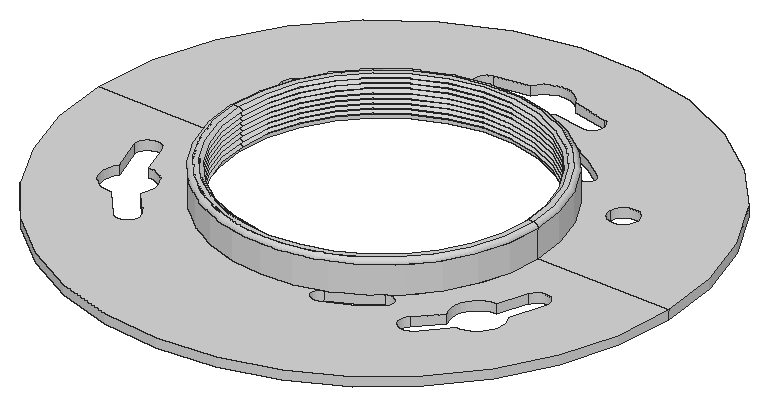
Revit family "A1-C2", category Plumbing Fixtures, Revit 2018
Family settings
  Round Connector Dimension = Use Diameter
  Part Type = Normal
  Work Plane-Based = No
  Always vertical = Yes
  Cut with Voids When Loaded = No
  Shared = No
  Room Calculation Point = No
Parameters (values of type "A1-C2")
  URL = "WWW.MIFAB.COM"
  Model = "A1-C2"
  Manufacturer = "MIFAB"
  Description = "MEMBRANE CLAMP WITH 4\" NPSM THREAD FOR SMALL DRAINS"
Reference planes (in)
  plane 1 "Center (Front/Back)": y = 0
  plane 2: z = 0
  plane 3 "Center (Left/Right)": x = 0
  plane 4: x = -4
  plane 5: x = 4
  plane 6: y = 4
  plane 7: y = -4
  plane 8: z = 2
Forms (in)
  Revolve 1, solid, material "Steel"
    sketch origin (0, 0, 0) x (1, 0, 0) y (0, 0, 1)
      loop
        line (4, 0.125) -> (2.16244, 0.125) -> (2.16244, 0.50392)
        arc (2.16244, 0.50392) -> (2.1445, 0.54724) -> (2.10119, 0.56518) r 0.06126
        line (2.10119, 0.56518) -> (2.02963, 0.56518) -> (1.98546, 0.53302) -> (2.02963, 0.50087) -> (1.98546, 0.46871) -> (2.02963, 0.43655) -> (1.98546, 0.40439) -> (2.02963, 0.37224) -> (1.98546, 0.34008) -> (2.02963, 0.30792) -> (1.98546, 0.27577) -> (2.02963, 0.24361) -> (1.98546, 0.21145) -> (2.02963, 0.17929) -> (1.98546, 0.14714) -> (2.02963, 0.11498) -> (1.98546, 0.08282) -> (2.02963, 0.05066) -> (2.02963, 0) -> (4, 0) -> (4, 0.125)
      axis (0, 0.56518) -> (0, 0)
    angle from 0 to 360
  Extrusion 2, void
    sketch origin (0, 0, 0) x (1, 0, 0) y (0, 1, 0)
      loop
        arc (-0.69302, 2.57067) -> (-0.49528, 2.61597) -> (-0.29466, 2.64609) r 2.66244
        arc (-0.29466, 2.64609) -> (0, 2.48193) -> (0.29466, 2.64609) r 0.34653
        arc (0.29466, 2.64609) -> (0.49528, 2.61597) -> (0.69302, 2.57067) r 2.66244
        arc (0.69302, 2.57067) -> (0.89652, 2.68775) -> (0.77944, 2.89125) r 0.16602
        arc (0.77944, 2.89125) -> (0.54772, 2.94396) -> (0.31255, 2.97812) r 2.99448
        arc (0.31255, 2.97812) -> (0, 3.17499) -> (-0.31255, 2.97812) r 0.34653
        arc (-0.31255, 2.97812) -> (-0.54772, 2.94396) -> (-0.77944, 2.89125) r 2.99448
        arc (-0.77944, 2.89125) -> (-0.89652, 2.68775) -> (-0.69302, 2.57067) r 0.16602
      loop
        arc (2.57277, -0.68516) -> (2.51314, -0.87906) -> (2.43891, -1.06786) r 2.66244
        arc (2.43891, -1.06786) -> (2.14941, -1.24096) -> (2.14425, -1.57823) r 0.34653
        arc (2.14425, -1.57823) -> (2.01786, -1.73691) -> (1.87976, -1.88551) r 2.66244
        arc (1.87976, -1.88551) -> (1.8794, -2.12029) -> (2.11418, -2.12065) r 0.16602
        arc (2.11418, -2.12065) -> (2.27568, -1.94632) -> (2.42285, -1.75974) r 2.99448
        arc (2.42285, -1.75974) -> (2.74963, -1.5875) -> (2.7354, -1.21838) r 0.34653
        arc (2.7354, -1.21838) -> (2.8234, -0.99764) -> (2.89362, -0.77061) r 2.99448
        arc (2.89362, -0.77061) -> (2.77592, -0.56746) -> (2.57277, -0.68516) r 0.16602
      loop
        arc (-2.57277, -0.68516) -> (-2.77592, -0.56746) -> (-2.89362, -0.77061) r 0.16602
        arc (-2.89362, -0.77061) -> (-2.8234, -0.99764) -> (-2.7354, -1.21838) r 2.99448
        arc (-2.7354, -1.21838) -> (-2.74963, -1.5875) -> (-2.42285, -1.75974) r 0.34653
        arc (-2.42285, -1.75974) -> (-2.27568, -1.94632) -> (-2.11418, -2.12065) r 2.99448
        arc (-2.11418, -2.12065) -> (-1.8794, -2.12029) -> (-1.87976, -1.88551) r 0.16602
        arc (-1.87976, -1.88551) -> (-2.01786, -1.73691) -> (-2.14425, -1.57823) r 2.66244
        arc (-2.14425, -1.57823) -> (-2.14941, -1.24096) -> (-2.43891, -1.06786) r 0.34653
        arc (-2.43891, -1.06786) -> (-2.51314, -0.87906) -> (-2.57277, -0.68516) r 2.66244
      loop
        circle (2.30574, 1.33122) r 0.19606
      loop
        circle (-2.30574, 1.33122) r 0.19606
      loop
        arc (1.36113, 1.68032) -> (1.52939, 1.69816) -> (1.5112, 1.86638) r 0.11952
        arc (1.5112, 1.86638) -> (1.20036, 2.07909) -> (0.86073, 2.24193) r 2.46323
        arc (0.86073, 2.24193) -> (0.70595, 2.17357) -> (0.77464, 2.01894) r 0.11952
        arc (0.77464, 2.01894) -> (1.08122, 1.87273) -> (1.36113, 1.68032) r 2.16244
      loop
        arc (1.36113, -1.68032) -> (1.08122, -1.87273) -> (0.77464, -2.01894) r 2.16244
        arc (0.77464, -2.01894) -> (0.70595, -2.17357) -> (0.86073, -2.24193) r 0.11952
        arc (0.86073, -2.24193) -> (1.20036, -2.07909) -> (1.5112, -1.86638) r 2.46323
        arc (1.5112, -1.86638) -> (1.52939, -1.69816) -> (1.36113, -1.68032) r 0.11952
      loop
        arc (-2.13577, -0.33861) -> (-2.16244, 0) -> (-2.13577, 0.33861) r 2.16244
        arc (-2.13577, 0.33861) -> (-2.23534, 0.47541) -> (-2.37193, 0.37555) r 0.11952
        arc (-2.37193, 0.37555) -> (-2.40073, 0) -> (-2.37193, -0.37555) r 2.46323
        arc (-2.37193, -0.37555) -> (-2.23534, -0.47541) -> (-2.13577, -0.33861) r 0.11952
    from 0 to 0.19243
Cuts and joins
  Extrusion 2 cuts Revolve 1
Dimensions and locks (in)
  plane 4 to plane 3 "Center (Left/Right)" to plane 5 = 0' - 4", 0' - 4"
  plane 4 to plane 5 = 0' - 8"
  equal spacing: plane 7, plane 1 "Center (Front/Back)", plane 6
  plane 7 to plane 6 = 0' - 8"
  locked: plane 8 to plane 2 at 2
  plane 8 to plane 2 = 0' - 2"
  plane 6 to plane 1 "Center (Front/Back)" to plane 7 = 0' - 4", 0' - 4"
  plane 6 to plane 7 = 0' - 8"
  aligned and locked: level to plane 2
Automatic sketch dimensions
  Revolve 1 sketch curve to plane 3 "Center (Left/Right)" = 0' - 0"
  Revolve 1 sketch curve to level = 0' - 0"
  plane 5 to Revolve 1 sketch curve = 0' - 0"
  level to Revolve 1 sketch curve = 0' - 0.14714"
  plane 3 "Center (Left/Right)" to Revolve 1 sketch curve = 0' - 1.98546"
  level to Revolve 1 sketch curve = 0' - 0.08282"
  Revolve 1 sketch curve to Revolve 1 sketch curve = 0' - 0"  (x7)
  level to Revolve 1 sketch curve = 0' - 0.46871"
  level to Revolve 1 sketch curve = 0' - 0.21145"
  level to Revolve 1 sketch curve = 0' - 0.27577"
  level to Revolve 1 sketch curve = 0' - 0.34008"
  level to Revolve 1 sketch curve = 0' - 0.40439"
  level to Revolve 1 sketch curve = 0' - 0.53302"
  level to Revolve 1 sketch curve = 0' - 0.56518"
  Revolve 1 sketch curve to Revolve 1 sketch curve = 0' - 0.04418"  (x9)
  level to Revolve 1 sketch curve = 0' - 0.50087"
  level to Revolve 1 sketch curve = 0' - 0.43655"
  level to Revolve 1 sketch curve = 0' - 0.11498"
  level to Revolve 1 sketch curve = 0' - 0.37224"
  level to Revolve 1 sketch curve = 0' - 0.30792"
  level to Revolve 1 sketch curve = 0' - 0.17929"
  level to Revolve 1 sketch curve = 0' - 0.24361"
  Revolve 1 sketch curve to Revolve 1 sketch curve = 0' - 0.07155"
  Revolve 1 sketch curve to Revolve 1 sketch curve = 0' - 0 17/128"
  Revolve 1 sketch curve to Revolve 1 sketch curve = 0' - 0.05066"
  Revolve 1 sketch curve to Revolve 1 sketch curve = 0' - 0 1/8"
  Revolve 1 sketch curve to level = 0' - 1"
  Revolve 1 sketch curve to Revolve 1 sketch curve = 0' - 0 3/4"
  Extrusion 2 sketch curve to Extrusion 2 sketch curve = 0' - 0"  (x234)
  plane 1 "Center (Front/Back)" to Extrusion 2 sketch curve = 0' - 0"  (x2)
  Extrusion 2 sketch curve to plane 3 "Center (Left/Right)" = 0' - 0"  (x2)
  Extrusion 2 sketch curve to plane 3 "Center (Left/Right)" = 0' - 0 1/32"  (x2)
  Extrusion 2 sketch curve to plane 3 "Center (Left/Right)" = 0' - 0.73623"
  Extrusion 2 sketch curve to plane 3 "Center (Left/Right)" = 0' - 1.99697"
  plane 1 "Center (Front/Back)" to Extrusion 2 sketch curve = 0' - 0.35733"
  Extrusion 2 sketch curve to Extrusion 2 sketch curve = 0' - 0.25684"
  Extrusion 2 sketch curve to plane 1 "Center (Front/Back)" = 0' - 0.35733"
  Extrusion 2 sketch curve to Extrusion 2 sketch curve = 0' - 0.05193"
  Extrusion 2 sketch curve to Extrusion 2 sketch curve = 0' - 0.45255"  (x2)
  Extrusion 2 sketch curve to Extrusion 2 sketch curve = 0' - 0.47939"
  plane 3 "Center (Left/Right)" to Extrusion 2 sketch curve = 0' - 0 1/16"
  plane 3 "Center (Left/Right)" to Extrusion 2 sketch curve = 0' - 0.73623"
  Extrusion 2 sketch curve to Extrusion 2 sketch curve = 0' - 0.08122"
  plane 3 "Center (Left/Right)" to Extrusion 2 sketch curve = 0' - 0.81745"
  Extrusion 2 sketch curve to Extrusion 2 sketch curve = 0' - 0.61891"  (x2)
  Extrusion 2 sketch curve to Extrusion 2 sketch curve = 0' - 0.5606"
  Extrusion 2 sketch curve to Extrusion 2 sketch curve = 0' - 0.86938"
  Extrusion 2 sketch curve to Extrusion 2 sketch curve = 0' - 0.28368"
  Extrusion 2 sketch curve to Extrusion 2 sketch curve = 0' - 0.37056"
  plane 1 "Center (Front/Back)" to Extrusion 2 sketch curve = 0' - 0.72789"
  Extrusion 2 sketch curve to Extrusion 2 sketch curve = 0' - 0.68634"  (x2)
  Extrusion 2 sketch curve to Extrusion 2 sketch curve = 0' - 0.35896"
  Extrusion 2 sketch curve to Extrusion 2 sketch curve = 0' - 0.58885"
  Extrusion 2 sketch curve to Extrusion 2 sketch curve = 0' - 0.22988"
  Extrusion 2 sketch curve to Extrusion 2 sketch curve = 0' - 0.35733"  (x2)
  plane 1 "Center (Front/Back)" to Extrusion 2 sketch curve = 0' - 0.05413"
  Extrusion 2 sketch curve to plane 1 "Center (Front/Back)" = 0' - 0.05413"
  Extrusion 2 sketch curve to plane 1 "Center (Front/Back)" = 0' - 1.33122"
  Extrusion 2 sketch curve to Extrusion 2 sketch curve = 0' - 0.97389"
  Extrusion 2 sketch curve to Extrusion 2 sketch curve = 0' - 0.44197"
  Extrusion 2 sketch curve to plane 6 = 0' - 1.26904"
  Extrusion 2 sketch curve to Extrusion 2 sketch curve = 0' - 0.60044"
  Extrusion 2 sketch curve to Extrusion 2 sketch curve = 0' - 0.0975"
  Extrusion 2 sketch curve to plane 3 "Center (Left/Right)" = 0' - 0.29466"
  Extrusion 2 sketch curve to plane 3 "Center (Left/Right)" = 0' - 0.31255"
  Extrusion 2 sketch curve to Extrusion 2 sketch curve = 0' - 0.04321"
  Extrusion 2 sketch curve to Extrusion 2 sketch curve = 0' - 0.11721"  (x2)
  Extrusion 2 sketch curve to Extrusion 2 sketch curve = 0' - 0.11804"  (x2)
  Extrusion 2 sketch curve to Extrusion 2 sketch curve = 0' - 0.30527"  (x2)
  Extrusion 2 sketch curve to Extrusion 2 sketch curve = 0' - 0.2786"  (x2)
  Extrusion 2 sketch curve to Extrusion 2 sketch curve = 0' - 0.01061"  (x2)
  Extrusion 2 sketch curve to Extrusion 2 sketch curve = 0' - 0.29649"  (x2)
  plane 3 "Center (Left/Right)" to Extrusion 2 sketch curve = 0' - 0.29466"
  plane 3 "Center (Left/Right)" to Extrusion 2 sketch curve = 0' - 0.31255"
  Extrusion 2 sketch curve to Extrusion 2 sketch curve = 0' - 0.04281"  (x2)
  radius of Extrusion 2 sketch curve = 0' - 0.19606"  (x2)
